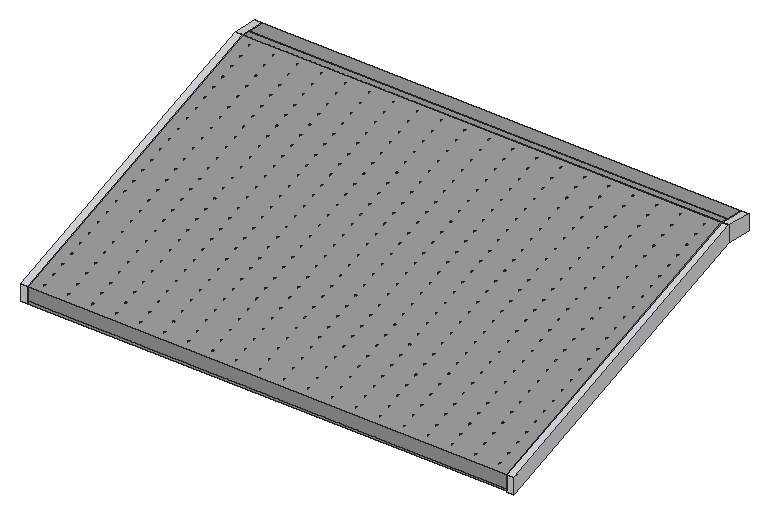
Revit family "砼护坡 - 单块", category 常规模型, Revit 2019
Family settings
  可将钢筋附着到主体 = 否
  圆形连接件大小 = 使用直径
  零件类型 = 标准
  基于工作平面 = 否
  总是垂直 = 是
  加载时剪切的空心 = 否
  共享 = 否
  房间计算点 = 否
Parameters (values of type "东侧")
  纵向格梗宽度 = 300 mm
  纵向格梗厚度 = 600 mm
  砼护坡材料 = 素混凝土 C25
  沙石垫层材料 = 沙石垫层
  沙石垫层厚度 = 80 mm
  水平格梗宽度 = 300 mm
  水平格梗厚度 = 600 mm
  格梗材料 = 素混凝土 C25
  斜面长度 = 护坡高度 / sin(坡角)  # 12117.366 mm
  排水孔行数 = rounddown(斜面长度 / 排水孔行间距)  # 24
  排水孔列间距 = 1000 mm
  排水孔行间距 = 500 mm
  排水孔半径 = 25 mm
  排水孔列数 = rounddown(护坡水平长度 / 排水孔列间距)  # 20
  左侧格梗 = 边缘格梗 : 边缘格梗
  型号 = "SLOPE_PROTECTION"
  坡角 = 21.80°
  护坡投影纵向长度 = 护坡高度 / tan(坡角)  # 11250.803 mm
  护坡厚度 = 500 mm
  护坡高度 = 4500 mm
  护坡水平长度 = 20000 mm
  坡顶厚度 = 200 mm
  坡顶纵向长度 = 700 mm
  坡顶材料 = 素混凝土 C25
  右侧格梗 = 边缘格梗 : 边缘格梗
  y = (斜面长度 - (排水孔行数 - 1) * 排水孔行间距) / 2  # 308.683 mm
  x = (护坡水平长度 - (排水孔列数 - 1) * 排水孔列间距) / 2  # 500 mm
  a = 水平格梗宽度 + 坡顶纵向长度  # 1000 mm
Types (2, lengths in mm): name | 砼护坡材料 | 沙石垫层材料 | 格梗材料 | 斜面长度 | 排水孔行数 | 排水孔列数 | 型号 | 护坡投影纵向长度 | 护坡高度 | 护坡水平长度 | 坡顶材料 | y
  东侧 | 素混凝土 C25 | 沙石垫层 | 素混凝土 C25 | 12117.366 | 24 | 20 | "SLOPE_PROTECTION" | 11250.803 | 4500 | 20000 | 素混凝土 C25 | 308.683
  西侧 | none | none | none | 5116.221 | 10 | 12 | 0 | 4750.339 | 1900 | 12000 | none | 308.111
Reference planes
  plane 1 "中心(前/后)": y = 0
  plane 2: z = 0
  plane 3 "中心(左/右)": x = 0
  plane 4: x = 20600
  plane 5: y = 12250.803
  plane 6: y = 11250.803
  plane 7: z = 4300
  plane 8: through (0, 2135.174, 854.009) normal (0, -0.3714, 0.9285)
  plane 9: z = 4500
  plane 10: x = 300
  plane 11: x = 20300
  plane 12: y = 11550.803
  plane 13: through (0, 185.684, -464.243) normal (0, 0.3714, -0.9285)
  plane 14: through (0, 3315.29, 701.349) normal (0, -0.3714, 0.9285)
  plane 15: z = 4220
  plane 16: z = 3900
  plane 17: x = 800
  plane 18: through (0, 0, 0) normal (0, 0.9285, 0.3714)
Forms (mm)
  Extrusion 1, solid, material "素混凝土 C25" <- "砼护坡材料"
    sketch origin (0, 0, 0) x (0, 1, 0) y (0, 0, 1)
      loop
        line (11250.803, 4500) -> (0, 0) -> (0, -538.511) -> (11250.803, 3961.489) -> (11250.803, 4500)
    from 300 to 20300
  Extrusion 2, solid, material "沙石垫层" <- "沙石垫层材料"
    sketch origin (0, 0, 0) x (0, 1, 0) y (0, 0, 1)
      loop
        line (11250.803, 3961.489) -> (0, -538.511) -> (0, -624.673) -> (11250.803, 3875.327) -> (11250.803, 3961.489)
    from 300 to 20300
  Extrusion 3, solid, material "素混凝土 C25" <- "坡顶材料"
    sketch origin (0, 0, 0) x (0, 1, 0) y (0, 0, 1)
      loop
        line (12250.803, 4500) -> (11550.803, 4500) -> (11550.803, 4300) -> (12250.803, 4300) -> (12250.803, 4500)
    from 300 to 20300
  Extrusion 4, solid, material "沙石垫层" <- "沙石垫层材料"
    sketch origin (0, 0, 0) x (0, 1, 0) y (0, 0, 1)
      loop
        line (12250.803, 4300) -> (11550.803, 4300) -> (11550.803, 4220) -> (12250.803, 4220) -> (12250.803, 4300)
    from 300 to 20300
  Extrusion 5, solid, material "素混凝土 C25" <- "格梗材料"
    sketch origin (0, 0, 0) x (0, 1, 0) y (0, 0, 1)
      loop
        line (11550.803, 4500) -> (11250.803, 4500) -> (11250.803, 3900) -> (11550.803, 3900) -> (11550.803, 4500)
    from 300 to 20300
Dimensions and locks
  "纵向格梗宽度": plane 3 "中心(左/右)" to plane 10
  "纵向格梗宽度": plane 11 to plane 4
  "护坡水平长度": plane 10 to plane 11
  "护坡厚度": plane 13 to plane 8
  "沙石垫层厚度": plane 13 to plane 14
  "护坡高度": plane 9 to level
  "护坡投影纵向长度": plane 6 to plane 1 "中心(前/后)"
  "水平格梗宽度": plane 12 to plane 6
  "坡顶纵向长度": plane 5 to plane 12
  "坡顶厚度": plane 9 to plane 7
  "沙石垫层厚度": plane 7 to plane 15
  "水平格梗厚度": plane 9 to plane 16
  "y": plane 18 to nested 1
  "x": plane 10 to plane 17
  "坡角": angle plane 8 to level
  "坡角": angle plane 18 to plane 1 "中心(前/后)"
  aligned and locked: level to plane 2
  aligned and locked: Extrusion 1 sketch curve to plane 8
  aligned and locked: Extrusion 1 sketch curve to plane 6
  aligned and locked: Extrusion 1 sketch curve to plane 1 "中心(前/后)"
  aligned and locked: Extrusion 1 sketch curve to plane 13
  aligned and locked: Extrusion 2 sketch curve to plane 6
  aligned and locked: Extrusion 2 sketch curve to plane 1 "中心(前/后)"
  aligned and locked: Extrusion 2 sketch curve to plane 13
  aligned and locked: Extrusion 2 sketch curve to plane 14
  aligned and locked: Extrusion 1 to plane 10
  aligned and locked: plane 11 to Extrusion 1
  aligned and locked: plane 11 to Extrusion 2
  aligned and locked: Extrusion 2 to plane 10
  aligned and locked: plane 9 to Extrusion 3 sketch curve
  aligned and locked: Extrusion 3 sketch curve to plane 5
  aligned and locked: plane 12 to Extrusion 3 sketch curve
  aligned and locked: Extrusion 3 sketch curve to plane 7
  aligned and locked: Extrusion 4 sketch curve to plane 5
  aligned and locked: Extrusion 4 sketch curve to plane 15
  aligned and locked: plane 12 to Extrusion 4 sketch curve
  aligned and locked: plane 7 to Extrusion 4 sketch curve
  aligned and locked: plane 11 to Extrusion 4
  aligned and locked: Extrusion 4 to plane 10
  aligned and locked: plane 11 to Extrusion 3
  aligned and locked: Extrusion 3 to plane 10
  aligned and locked: plane 12 to Extrusion 5 sketch curve
  aligned and locked: Extrusion 5 sketch curve to plane 6
  aligned and locked: Extrusion 5 sketch curve to plane 9
  aligned and locked: plane 16 to Extrusion 5 sketch curve
  aligned and locked: plane 11 to Extrusion 5
  aligned and locked: Extrusion 5 to plane 10
  aligned and locked: plane 3 "中心(左/右)" to nested 2
  aligned and locked: plane 1 "中心(前/后)" to nested 2
  aligned and locked: plane 1 "中心(前/后)" to nested 3
  aligned and locked: plane 11 to nested 3
  aligned and locked: nested 1 to plane 17
Nested families
  nested 1: "排水孔_阵列" at (800, 286.608, 114.635) x (1, 0, 0) z (0, -0.3714, 0.9285), 孔半径 <- "排水孔半径", 行间距 <- "排水孔行间距", 列间距 <- "排水孔列间距", 行数 <- "排水孔行数", 列数 <- "排水孔列数", type "排水孔_阵列"
    with 行间距 500 mm, 行数 24, 孔半径 25 mm, 列间距 1000 mm, 列数 20
  nested 2: "边缘格梗" at (0, 0, 0), type <- "左侧格梗", type "边缘格梗"
  nested 3: "边缘格梗" at (20300, 0, 0), type <- "右侧格梗", type "边缘格梗"
Definition of nested family "边缘格梗"
  Parameters (values of type "边缘格梗")
    格梗材料 = none
    斜坡格梗厚度 = 150 mm
    斜坡投影宽度 = 坡高 / tan(坡角)  # 753.554 mm
    坡高 = 1000 mm
    坡顶格梗厚度 = 斜坡格梗厚度 / cos(坡角)  # 249.246 mm
    坡顶宽度 = 800 mm
    坡角 = 53.00°
  Reference planes
    plane 1 "中心(前/后)": y = 0
    plane 2: z = 0
    plane 3 "中心(左/右)": x = 0
    plane 4: x = 300
    plane 5: y = 753.554
    plane 6: y = 1553.554
    plane 7: through (0, 0, 0) normal (0, 0.7986, -0.6018)
    plane 8: through (0, 1250.77, 1410.581) normal (0, -0.7986, 0.6018)
    plane 9: z = 1000
    plane 10: z = 750.754
  Forms (mm)
    Extrusion 1, solid, material <- "格梗材料"
      sketch origin (0, 0, 0) x (0, 1, 0) y (0, 0, 1)
        loop
          line (1553.554, 1000) -> (753.554, 1000) -> (753.554, 750.754) -> (1553.554, 750.754) -> (1553.554, 1000)
      from 0 to 300
    Extrusion 2, solid, material <- "格梗材料"
      sketch origin (0, 0, 0) x (0, 1, 0) y (0, 0, 1)
        loop
          line (753.554, 1000) -> (0, 0) -> (0, -249.246) -> (753.554, 750.754) -> (753.554, 1000)
      from 0 to 300
  Dimensions and locks
    plane 3 "中心(左/右)" to plane 4 = 300 mm
    plane 5 to plane 1 "中心(前/后)" = 753.554 mm
    plane 6 to plane 5 = 800 mm
    "斜坡格梗厚度": plane 8 to plane 7
    "坡顶格梗厚度": plane 9 to plane 10
    "坡顶宽度": plane 6 to plane 5
    "坡高": plane 9 to level
    "斜坡投影宽度": plane 5 to plane 1 "中心(前/后)"
    "坡角": angle plane 7 to level
    aligned and locked: level to plane 2
    aligned and locked: plane 9 to Extrusion 1 sketch curve
    aligned and locked: Extrusion 1 sketch curve to plane 10
    aligned and locked: plane 6 to Extrusion 1 sketch curve
    aligned and locked: Extrusion 1 sketch curve to plane 5
    aligned and locked: plane 5 to Extrusion 2 sketch curve
    aligned and locked: plane 1 "中心(前/后)" to Extrusion 2 sketch curve
    aligned and locked: Extrusion 2 sketch curve to plane 7
    aligned and locked: Extrusion 2 sketch curve to plane 8
    aligned and locked: plane 4 to Extrusion 1
    aligned and locked: Extrusion 1 to plane 3 "中心(左/右)"
    aligned and locked: plane 4 to Extrusion 2
    aligned and locked: Extrusion 2 to plane 3 "中心(左/右)"
Definition of nested family "排水孔_阵列"
  Parameters (values of type "排水孔_阵列")
    Default Elevation = 1219.2 mm
    行间距 [instance] = 600 mm
    行数 [instance] = 7
    孔半径 [instance] = 50 mm
    列间距 [instance] = 700 mm
    列数 [instance] = 4
  Reference planes
    plane 1 "中心(前/后)": y = 0
    plane 2: z = 0
    plane 3 "中心(左/右)": x = 0
    plane 4: y = 600
    plane 5: x = 700
  Forms (mm)
    Extrusion 1, solid
      sketch origin (0, 0, 0) x (1, 0, 0) y (0, 1, 0)
        loop
          line (-1219.2, 30000) -> (-1219.2, -1219.2) -> (34087.079, -1219.2) -> (34087.079, 30000) -> (-1219.2, 30000)
      from 0 to -304.8
  Dimensions and locks
    "行间距": plane 4 to plane 1 "中心(前/后)"
    "列间距": plane 3 "中心(左/右)" to plane 5
    equal spacing: group 1, group 2, group 3, group 4  (x3)
    aligned and locked: Extrusion 1 to plane 2
    aligned and locked: Extrusion 1 to level
    aligned and locked: plane 3 "中心(左/右)" to nested 1
    aligned and locked: plane 1 "中心(前/后)" to nested 1
    aligned and locked: plane 1 "中心(前/后)" to nested 2
    aligned and locked: plane 5 to nested 2
  Automatic sketch dimensions
    Extrusion 1 sketch curve to Extrusion 1 sketch curve = 35306.279 mm
    Extrusion 1 sketch curve to Extrusion 1 sketch curve = 31219.2 mm
  Nested families
    nested 1: "排水孔_列" at (0, 0, 0), 孔半径 <- "孔半径", 行间距 <- "行间距", 行数 <- "行数", type "排水孔_列"
      with 行间距 600 mm, 行数 7, 孔半径 50 mm
    nested 2: "排水孔_列" at (700, 0, 0), 孔半径 <- "孔半径", 行间距 <- "行间距", 行数 <- "行数", type "排水孔_列"
      with 行间距 600 mm, 行数 7, 孔半径 50 mm
    nested 3: "排水孔_列" at (1400, 0, 0), 孔半径 <- "孔半径", 行间距 <- "行间距", 行数 <- "行数", type "排水孔_列"
      with 行间距 600 mm, 行数 7, 孔半径 50 mm
    nested 4: "排水孔_列" at (2100, 0, 0), 孔半径 <- "孔半径", 行间距 <- "行间距", 行数 <- "行数", type "排水孔_列"
      with 行间距 600 mm, 行数 7, 孔半径 50 mm
  Definition of nested family "排水孔_列"
    Parameters (values of type "排水孔_列")
      Default Elevation = 1219.2 mm
      行间距 [instance] = 700 mm
      孔半径 [instance] = 50 mm
      行数 [instance] = 4
    Reference planes
      plane 1 "中心(前/后)": y = 0
      plane 2: z = 0
      plane 3 "中心(左/右)": x = 0
      plane 4: y = 700
    Forms (mm)
      Extrusion 1, solid
        sketch origin (0, 0, 0) x (1, 0, 0) y (0, 1, 0)
          loop
            line (-1219.2, 30000) -> (-1219.2, -1219.2) -> (34087.079, -1219.2) -> (34087.079, 30000) -> (-1219.2, 30000)
        from 0 to -304.8
    Dimensions and locks
      "行间距": plane 4 to plane 1 "中心(前/后)"
      equal spacing: group 1, group 2, group 3, group 4  (x3)
      aligned and locked: Extrusion 1 to plane 2
      aligned and locked: Extrusion 1 to level
      aligned and locked: plane 3 "中心(左/右)" to nested 1
      aligned and locked: plane 1 "中心(前/后)" to nested 1
      aligned and locked: nested 2 to plane 4
      aligned and locked: plane 3 "中心(左/右)" to nested 2
    Automatic sketch dimensions
      Extrusion 1 sketch curve to Extrusion 1 sketch curve = 35306.279 mm
      Extrusion 1 sketch curve to Extrusion 1 sketch curve = 31219.2 mm
    Nested families
      nested 1: "单_排水孔" at (0, 0, 0), 孔半径 <- "孔半径", type "单_排水孔"
        with 孔半径 50 mm
      nested 2: "单_排水孔" at (0, 700, 0), 孔半径 <- "孔半径", type "单_排水孔"
        with 孔半径 50 mm
      nested 3: "单_排水孔" at (0, 1400, 0), 孔半径 <- "孔半径", type "单_排水孔"
        with 孔半径 50 mm
      nested 4: "单_排水孔" at (0, 2100, 0), 孔半径 <- "孔半径", type "单_排水孔"
        with 孔半径 50 mm
    Definition of nested family "单_排水孔"
      Parameters (values of type "单_排水孔")
        Default Elevation = 1219.2 mm
        孔半径 [instance] = 50 mm
      Reference planes
        plane 1 "中心(前/后)": y = 0
        plane 2: z = 0
        plane 3 "中心(左/右)": x = 0
      Forms (mm)
        Extrusion 1, solid
          sketch origin (0, 0, 0) x (1, 0, 0) y (0, 1, 0)
            loop
              line (-1219.2, 1219.2) -> (-1219.2, -1219.2) -> (1219.2, -1219.2) -> (1219.2, 1219.2) -> (-1219.2, 1219.2)
          from 0 to -304.8
        Extrusion 2, void
          sketch origin (0, 0, 0) x (1, 0, 0) y (0, 1, 0)
            loop
              circle (0, 0) r 50
          from -9999 to 9999
      Dimensions and locks
        "孔半径": radius of Extrusion 2 sketch curve
        aligned and locked: plane 2 to Extrusion 1
        aligned and locked: level to Extrusion 1
      Automatic sketch dimensions
        Extrusion 1 sketch curve to Extrusion 1 sketch curve = 2438.4 mm  (x2)
        plane 1 "中心(前/后)" to Extrusion 2 sketch curve = 0 mm
        Extrusion 2 sketch curve to plane 3 "中心(左/右)" = 0 mm
